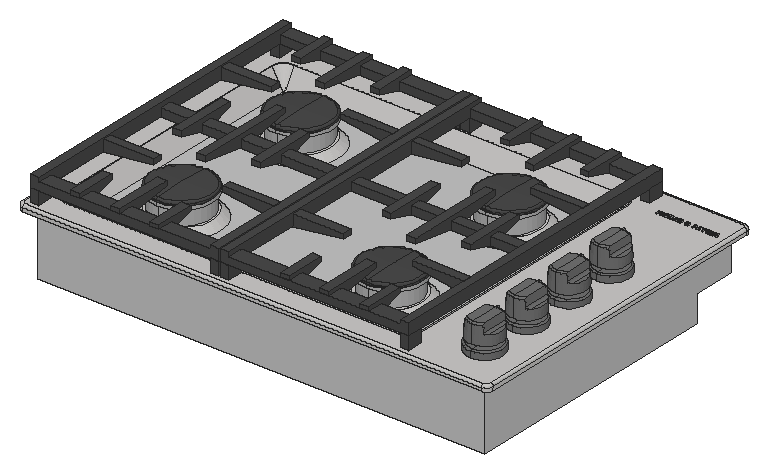
Revit family "FP_Revit_18_CDV3-304H-N_Cooktop_90001913A", category Specialty Equipment, Revit 2018
Family settings
  Round Connector Dimension = Use Diameter
  Part Type = Normal
  OmniClass Number = 23.40.40.14.17.11
  OmniClass Title = Cookers, Ovens, Stoves
  Work Plane-Based = No
  Always vertical = Yes
  Cut with Voids When Loaded = Yes
  Shared = No
  Room Calculation Point = No
Parameters (values of type "CDV3-304H-N")
  Visibility - Gas Elbow Side Facing = yes
  Visibility - Gas Elbow Rear Facing = yes
  Visibility - Clearance Required = yes
  URL = "www.fisherpaykel.com"
  Product - Width = 762 mm  # constant formula
  Product - Height = 162 mm  # constant formula
  Product - Depth = 533 mm  # constant formula
  Model = "CDV3-304H-N"
  Material - Trim = Fisher & Paykel - Aluminium, Dark
  Material - Cooktop = Fisher & Paykel - Stainless Steel
  Material - Burners & Trivets = Fisher & Paykel - Black, Matte
  Material - Body = Fisher & Paykel - Grey
  Manufacturer = "Fisher & Paykel Appliances"
  Keynote = ""
  FFL Offset [instance] = 915 mm
  Description = "30\" Professional Gas Cooktop,"
  Connector Note - Gas = "NG Supply Pressure = 6\" to 9\" WC, 1/2\" NPT Minimum 5/8\" dia. flex line"
  Connector Note - Electrical = "120 V, 0.1 A Max, 60 Hz"
  Clearance - Side Combustible = 305 mm  # constant formula
  Clearance - Rear Combustible = 51 mm  # constant formula
  Clearance - Overhead Rangehood = 762 mm  # constant formula
  Clearance - Overhead Non-Combustible = 762 mm  # constant formula
  Clearance - Overhead Combustible = 914 mm  # constant formula
  Clearance - Below Non-Combustible = 70 mm  # constant formula
  Clearance - Below Combustible = 65 mm  # constant formula
  Chassis - Width = 723 mm  # constant formula
  Chassis - Height = 102 mm  # constant formula
  Chassis - Depth = 497 mm  # constant formula
  Cavity - Width = 727 mm  # constant formula
  Cavity - Height = 112 mm  # constant formula
  Cavity - Depth = 502 mm  # constant formula
Types (5, lengths in mm): name | Visibility - Gas Elbow Side Facing | Visibility - Gas Elbow Rear Facing | Model | Connector Note - Gas
  (no name) | yes | yes | "CDV3-304H-N" | "NG Supply Pressure = 6\" to 9\" WC, 1/2\" NPT Minimum 5/8\" dia. flex line"
  CDV3-304H-L | no | no | "CDV3-304H-L" | "LP Supply Pressure = 11\" to 14\" WC, 1/2\" NPT Minimum 5/8\" dia. flex line"
  CDV3-304H-N | yes | yes | "CDV3-304H-N" | "NG Supply Pressure = 6\" to 9\" WC, 1/2\" NPT Minimum 5/8\" dia. flex line"
  CDV3-304-N | yes | yes | "CDV3-304-N" | "NG Supply Pressure = 6\" to 9\" WC, 1/2\" NPT Minimum 5/8\" dia. flex line"
  CDV3-304-L | yes | yes | "CDV3-304-L" | "LP Supply Pressure = 11\" to 14\" WC, 1/2\" NPT Minimum 5/8\" dia. flex line"
Reference planes
  plane 1 "Datum": y = 0
  plane 2: z = 0
  plane 3 "Center (Left/Right)": x = 0
  plane 4 "Product LHS": x = -381
  plane 5 "Product RHS": x = 381
  plane 6 "Product - Depth": y = 533
  plane 7 "Cavity LHS": x = -363.5
  plane 8 "Cavity RHS": x = 363.5
  plane 9 "Cavity - Front": y = 15.8
  plane 10 "Cavity - Depth": y = 517.8
  plane 11 "Basepan": z = 813
  plane 12 "Countertop": z = 915
  plane 13 "Hob Top": z = 924.5
Forms (mm)
  Extrusion 1, solid, material "Fisher & Paykel - Grey" <- "Material - Body"
    sketch origin (0, 0, 0) x (1, 0, 0) y (0, 1, 0)
      loop
        line (361.5, 447.3) -> (255, 447.3) -> (255, 515.3) -> (-361.5, 515.3) -> (-361.5, 18.3) -> (361.5, 18.3) -> (361.5, 447.3)
    from 813 to 915
  Extrusion 2, solid, material "Fisher & Paykel - Clearance Required (Cutout)", visible <- "Visibility - Clearance Required", detail levels coarse
    sketch origin (0, 0, 0) x (1, 0, 0) y (0, 1, 0)
      loop
        line (-363.5, 15.8) -> (363.5, 15.8) -> (363.5, 517.8) -> (-363.5, 517.8) -> (-363.5, 15.8)
    from 803 to 915
  Extrusion 3, solid, material "Fisher & Paykel - Stainless Steel" <- "Material - Cooktop"
    sketch origin (0, 0, 0) x (1, 0, 0) y (0, 1, 0)
      loop
        arc (-371, 533) -> (-378.071, 530.071) -> (-381, 523) r 10
        line (-381, 523) -> (-381, 10)
        arc (-381, 10) -> (-378.071, 2.929) -> (-371, 0) r 10
        line (-371, 0) -> (371, 0)
        arc (371, 0) -> (378.071, 2.929) -> (381, 10) r 10
        line (381, 10) -> (381, 523)
        arc (381, 523) -> (378.071, 530.071) -> (371, 533) r 10
        line (371, 533) -> (-371, 533)
    from 915 to 924.5
  Extrusion 4, void
    sketch origin (0, 0, 0) x (1, 0, 0) y (0, 1, 0)
      loop
        arc (-330.447, 496.197) -> (-344.589, 490.34) -> (-350.447, 476.197) r 20
        line (-350.447, 476.197) -> (-350.447, 57.203)
        arc (-350.447, 57.203) -> (-344.589, 43.06) -> (-330.447, 37.203) r 20
        line (-330.447, 37.203) -> (205.627, 37.203)
        arc (205.627, 37.203) -> (219.769, 43.06) -> (225.627, 57.203) r 20
        line (225.627, 57.203) -> (225.627, 476.197)
        arc (225.627, 476.197) -> (219.769, 490.34) -> (205.627, 496.197) r 20
        line (205.627, 496.197) -> (-330.447, 496.197)
    from 893 to 924.5
  Sweep 5, solid, material "Fisher & Paykel - Stainless Steel" <- "Material - Cooktop", detail levels fine
    path in 3D
      loop
        arc (205.627, 496.197, 924.5) -> (219.769, 490.34, 924.5) -> (225.627, 476.197, 924.5) r 20
        line (225.627, 476.197, 924.5) -> (225.627, 57.203, 924.5)
        arc (225.627, 57.203, 924.5) -> (219.769, 43.06, 924.5) -> (205.627, 37.203, 924.5) r 20
        line (205.627, 37.203, 924.5) -> (-330.447, 37.203, 924.5)
        arc (-330.447, 37.203, 924.5) -> (-344.589, 43.06, 924.5) -> (-350.447, 57.203, 924.5) r 20
        line (-350.447, 57.203, 924.5) -> (-350.447, 476.197, 924.5)
        arc (-350.447, 476.197, 924.5) -> (-344.589, 490.34, 924.5) -> (-330.447, 496.197, 924.5) r 20
        line (-330.447, 496.197, 924.5) -> (205.627, 496.197, 924.5)
    profile origin (-62.41, 496.197, 924.5) x (0, 1, 0) y (0, 0, 1)
      loop
        line (0, 0) -> (-18.187, -31.5) -> (0, -31.5) -> (0, 0)
  Sweep 6, void
    path in 3D
      loop
        arc (381, 523, 924.5) -> (378.071, 530.071, 924.5) -> (371, 533, 924.5) r 10
        line (371, 533, 924.5) -> (-371, 533, 924.5)
        arc (-371, 533, 924.5) -> (-378.071, 530.071, 924.5) -> (-381, 523, 924.5) r 10
        line (-381, 523, 924.5) -> (-381, 10, 924.5)
        arc (-381, 10, 924.5) -> (-378.071, 2.929, 924.5) -> (-371, 0, 924.5) r 10
        line (-371, 0, 924.5) -> (371, 0, 924.5)
        arc (371, 0, 924.5) -> (378.071, 2.929, 924.5) -> (381, 10, 924.5) r 10
        line (381, 10, 924.5) -> (381, 523, 924.5)
    profile origin (381, 266.5, 924.5) x (-1, 0, 0) y (0, 0, 1)
      loop
        line (0, 0) -> (0, -4)
        arc (0, -4) -> (1.172, -1.172) -> (4, 0) r 4
        line (4, 0) -> (0, 0)
  Extrusion 7, solid, material "Fisher & Paykel - Grey" <- "Material - Body"
    sketch origin (0, 0, 0) x (1, 0, 0) y (0, 1, 0)
      loop
        circle (338.231, 491.487) r 3
    from 856.4 to 844
  Extrusion 8, solid, material "Fisher & Paykel - Grey" <- "Material - Body"
    sketch origin (0, 0, 0) x (1, 0, 0) y (0, 1, 0)
      loop
        circle (290.996, 481.611) r 10.5
      loop
        circle (290.996, 481.611) r 7
    from 844 to 856.4
  Extrusion 9, void
    sketch origin (0, 0, 0) x (1, 0, 0) y (0, 1, 0)
      loop
        line (-363.5, 15.8) -> (363.5, 15.8) -> (363.5, 517.8) -> (-363.5, 517.8) -> (-363.5, 15.8)
    from 803 to 915
  Extrusion 10, solid, material "Fisher & Paykel - Clearance Required (Combustible)", visible <- "Visibility - Clearance Required", detail levels coarse
    sketch origin (0, 0, -9.5) x (1, 0, 0) y (0, 1, 0)
      loop
        line (-686, 0) -> (-381, 0) -> (-381, 533) -> (381, 533) -> (381, 0) -> (686, 0) -> (686, 568.8) -> (-686, 568.8) -> (-686, 0)
    from 924.5 to 1381.5
  Extrusion 11, solid, material "Fisher & Paykel - Clearance Required (Non-Combustible)", visible <- "Visibility - Clearance Required", detail levels coarse
    sketch origin (0, 0, 0) x (1, 0, 0) y (0, 1, 0)
      loop
        line (-381, 0) -> (381, 0) -> (381, 533) -> (-381, 533) -> (-381, 0)
    from 924.5 to 1686.5
  Extrusion 12, solid, material "Fisher & Paykel - Clearance Required (Combustible)", visible <- "Visibility - Clearance Required", detail levels coarse
    sketch origin (0, 0, 0) x (1, 0, 0) y (0, 1, 0)
      loop
        line (-381, 0) -> (381, 0) -> (381, 533) -> (-381, 533) -> (-381, 0)
    from 1686.5 to 1838.5
  Extrusion 13, solid, material "Fisher & Paykel - Grey" <- "Material - Body"
    sketch origin (0, 0, 0) x (1, 0, 0) y (0, 1, 0)
      loop
        line (255, 447.3) -> (361.5, 447.3) -> (361.5, 515.3) -> (255, 515.3) -> (255, 447.3)
    from 856.4 to 915
Cuts and joins
  Extrusion 4 cuts Extrusion 1
  joined: Extrusion 1, Extrusion 13
  Extrusion 4, Sweep 6 cuts Extrusion 3
Lines and regions (mm)
  sketch lines
    curve 1: line (-330.447, 496.197, 924.5) -> (205.627, 496.197, 924.5)
    curve 2: arc (225.627, 476.197, 924.5) -> (219.769, 490.34, 924.5) -> (205.627, 496.197, 924.5) r 20
    curve 3: line (225.627, 476.197, 924.5) -> (225.627, 57.203, 924.5)
    curve 4: arc (205.627, 37.203, 924.5) -> (219.769, 43.06, 924.5) -> (225.627, 57.203, 924.5) r 20
    curve 5: line (205.627, 37.203, 924.5) -> (-330.447, 37.203, 924.5)
    curve 6: arc (-350.447, 57.203, 924.5) -> (-344.589, 43.06, 924.5) -> (-330.447, 37.203, 924.5) r 20
    curve 7: arc (-330.447, 496.197, 924.5) -> (-344.589, 490.34, 924.5) -> (-350.447, 476.197, 924.5) r 20
    curve 8: line (-350.447, 57.203, 924.5) -> (-350.447, 476.197, 924.5)
    curve 9: line (381, 10, 924.5) -> (381, 523, 924.5)
    curve 10: arc (381, 10, 924.5) -> (378.071, 2.929, 924.5) -> (371, 0, 924.5) r 10
    curve 11: line (-371, 0, 924.5) -> (371, 0, 924.5)
    curve 12: arc (-371, 0, 924.5) -> (-378.071, 2.929, 924.5) -> (-381, 10, 924.5) r 10
    curve 13: line (-381, 523, 924.5) -> (-381, 10, 924.5)
    curve 14: arc (-381, 523, 924.5) -> (-378.071, 530.071, 924.5) -> (-371, 533, 924.5) r 10
    curve 15: line (371, 533, 924.5) -> (-371, 533, 924.5)
    curve 16: arc (371, 533, 924.5) -> (378.071, 530.071, 924.5) -> (381, 523, 924.5) r 10
Text (mm)
  text "Due to ongoing product development, product details are subject to change without notice. \nPlease always refer to www.fisherpaykel.com for the most current product information. \n© Fisher & Paykel 2020" at (41.04, -459.323, 0), in view "Ref. Level (Plan)"
Dimensions and locks
  equal spacing: plane 4 "Product LHS", plane 3 "Center (Left/Right)", plane 5 "Product RHS"
  "Product - Width": plane 4 "Product LHS" to plane 5 "Product RHS"
  equal spacing: plane 7 "Cavity LHS", plane 3 "Center (Left/Right)", plane 8 "Cavity RHS"
  "Cavity - Width": plane 7 "Cavity LHS" to plane 8 "Cavity RHS"
  "Chassis - Width": cut or joined group of Extrusion 1, Extrusion 4, Extrusion 13 to cut or joined group of Extrusion 1, Extrusion 4, Extrusion 13
  equal spacing: cut or joined group of Extrusion 1, Extrusion 4, Extrusion 13, plane 3 "Center (Left/Right)", cut or joined group of Extrusion 1, Extrusion 4, Extrusion 13
  "Product - Depth": plane 6 "Product - Depth" to plane 1 "Datum"
  "Cavity - Depth": plane 9 "Cavity - Front" to plane 10 "Cavity - Depth"
  locked: plane 1 "Datum" to plane 9 "Cavity - Front" at 15.8
  locked: plane 13 "Hob Top" to plane 12 "Countertop" at 9.5
  "Chassis - Height": plane 12 "Countertop" to plane 11 "Basepan"
  "FFL Offset": plane 12 "Countertop" to level
  "Cavity - Height": plane 12 "Countertop" to Extrusion 2
  plane 12 "Countertop" to Sweep 5 = 22 mm
  locked: nested 3 to plane 12 "Countertop" at 49.5
  locked: plane 12 "Countertop" to cut or joined group of Extrusion 1, Extrusion 4, Extrusion 13 at 22
  locked: Extrusion 10 to plane 12 "Countertop" at 457
  "Clearance - Overhead Non-Combustible": Extrusion 11 to plane 13 "Hob Top"
  Extrusion 10 to plane 10 "Cavity - Depth" to cut or joined group of Extrusion 1, Extrusion 4, Extrusion 13 = 15.2 mm, 2.5 mm
  "Clearance - Overhead Combustible": Extrusion 12 to plane 13 "Hob Top"
  "Clearance - Rear Combustible": Extrusion 10 to plane 10 "Cavity - Depth"
  "Clearance - Side Combustible": Extrusion 10 to plane 4 "Product LHS"
  "Clearance - Side Combustible": plane 5 "Product RHS" to Extrusion 10
  "Chassis - Depth": cut or joined group of Extrusion 1, Extrusion 4, Extrusion 13 to cut or joined group of Extrusion 1, Extrusion 4, Extrusion 13
  locked: plane 1 "Datum" to cut or joined group of Extrusion 1, Extrusion 4, Extrusion 13 at 18.3
  locked: Extrusion 13 to plane 12 "Countertop" at 58.6
  locked: plane 12 "Countertop" to nested 15 at 86.6
  locked: plane 12 "Countertop" to nested 16 at 86.6
  locked: plane 12 "Countertop" to Extrusion 8 at 71
  aligned and locked: level to plane 2
  aligned and locked: plane 6 "Product - Depth" to Extrusion 3
  aligned and locked: plane 1 "Datum" to Extrusion 3
  aligned and locked: Extrusion 3 to plane 4 "Product LHS"
  aligned and locked: Extrusion 3 to plane 5 "Product RHS"
  aligned and locked: Extrusion 2 to plane 9 "Cavity - Front"
  aligned and locked: plane 12 "Countertop" to Extrusion 2
  aligned and locked: Extrusion 2 to Extrusion 1
  aligned and locked: Extrusion 1 to plane 11 "Basepan"
  aligned and locked: Extrusion 3 to Extrusion 2
  aligned and locked: Extrusion 9 to Extrusion 2  (x2)
  aligned and locked: plane 13 "Hob Top" to Extrusion 3
  aligned and locked: cut or joined group of Extrusion 3, Extrusion 4, Sweep 6 to Extrusion 4
  aligned and locked: Extrusion 10 to Extrusion 2
  aligned and locked: Extrusion 11 to cut or joined group of Extrusion 3, Extrusion 4, Sweep 6
  aligned and locked: Extrusion 12 to Extrusion 11
  aligned and locked: plane 12 "Countertop" to Extrusion 13
  aligned and locked: Extrusion 8 to Extrusion 13
  aligned and locked: Extrusion 7 to Extrusion 13
  aligned and locked: Extrusion 13 to cut or joined group of Extrusion 1, Extrusion 4, Extrusion 13  (x2)
  aligned and locked: Extrusion 13 to cut or joined group of Extrusion 3, Extrusion 4, Sweep 6
  aligned and locked: Extrusion 8 to Extrusion 7
  aligned and locked: Extrusion 1 to Extrusion 13
Automatic sketch dimensions
  plane 10 "Cavity - Depth" to Extrusion 2 sketch curve = 0 mm
  Extrusion 2 sketch curve to plane 9 "Cavity - Front" = 0 mm
  plane 7 "Cavity LHS" to Extrusion 2 sketch curve = 0 mm
  Extrusion 2 sketch curve to plane 8 "Cavity RHS" = 0 mm
  Extrusion 3 sketch curve to plane 4 "Product LHS" = 0 mm
  plane 1 "Datum" to Extrusion 3 sketch curve = 0 mm
  Extrusion 3 sketch curve to plane 6 "Product - Depth" = 0 mm
  Extrusion 3 sketch curve to plane 5 "Product RHS" = 0 mm
  plane 7 "Cavity LHS" to Extrusion 3 sketch curve = 7.5 mm  (x2)
  Extrusion 3 sketch curve to plane 8 "Cavity RHS" = 7.5 mm
  Extrusion 3 sketch curve to plane 9 "Cavity - Front" = 5.8 mm
  Extrusion 4 sketch curve to plane 7 "Cavity LHS" = 13.053 mm
  plane 9 "Cavity - Front" to Extrusion 4 sketch curve = 21.403 mm
  Extrusion 4 sketch curve to Extrusion 4 sketch curve = 20 mm  (x3)
  plane 10 "Cavity - Depth" to Extrusion 4 sketch curve = 21.603 mm
  plane 8 "Cavity RHS" to Extrusion 4 sketch curve = 157.873 mm  (x2)
  Sweep 5 sketch curve to profile plane = 0 mm  (x2)
  profile plane to Sweep 5 sketch curve = 18.187 mm
  Sweep 5 sketch curve to Sweep 5 sketch curve = 31.5 mm
  Sweep 6 sketch curve to profile plane = 0 mm  (x2)
  Sweep 6 sketch curve to Sweep 6 sketch curve = 4 mm
  plane 8 "Cavity RHS" to Extrusion 7 sketch curve = 25.269 mm
  plane 10 "Cavity - Depth" to Extrusion 7 sketch curve = 26.312 mm
  plane 10 "Cavity - Depth" to Extrusion 9 sketch curve = 0 mm
  Extrusion 9 sketch curve to plane 9 "Cavity - Front" = 0 mm
  plane 7 "Cavity LHS" to Extrusion 9 sketch curve = 0 mm
  Extrusion 9 sketch curve to plane 8 "Cavity RHS" = 0 mm
  plane 1 "Datum" to Extrusion 10 sketch curve = 0 mm  (x2)
  Extrusion 10 sketch curve to plane 4 "Product LHS" = 0 mm
  Extrusion 10 sketch curve to plane 5 "Product RHS" = 0 mm
  Extrusion 10 sketch curve to plane 6 "Product - Depth" = 0 mm
  plane 4 "Product LHS" to Extrusion 10 sketch curve = 305 mm
  Extrusion 10 sketch curve to Extrusion 10 sketch curve = 305 mm
  plane 6 "Product - Depth" to Extrusion 10 sketch curve = 35.8 mm
  Extrusion 11 sketch curve to plane 4 "Product LHS" = 0 mm
  Extrusion 11 sketch curve to plane 5 "Product RHS" = 0 mm
  plane 1 "Datum" to Extrusion 11 sketch curve = 0 mm
  Extrusion 11 sketch curve to plane 6 "Product - Depth" = 0 mm
  Extrusion 12 sketch curve to plane 4 "Product LHS" = 0 mm
  Extrusion 12 sketch curve to plane 5 "Product RHS" = 0 mm
  plane 1 "Datum" to Extrusion 12 sketch curve = 0 mm
  Extrusion 12 sketch curve to plane 6 "Product - Depth" = 0 mm
  Extrusion 1 sketch curve to plane 7 "Cavity LHS" = 2 mm
  plane 8 "Cavity RHS" to Extrusion 1 sketch curve = 2 mm
  plane 9 "Cavity - Front" to Extrusion 1 sketch curve = 2.5 mm
  plane 10 "Cavity - Depth" to Extrusion 1 sketch curve = 2.5 mm
  Extrusion 1 sketch curve to Extrusion 1 sketch curve = 106.5 mm
  Extrusion 1 sketch curve to Extrusion 1 sketch curve = 68 mm
  Extrusion 13 sketch curve to plane 6 "Product - Depth" = 17.7 mm
  plane 8 "Cavity RHS" to Extrusion 13 sketch curve = 108.5 mm
  plane 5 "Product RHS" to Extrusion 13 sketch curve = 19.5 mm
  plane 10 "Cavity - Depth" to Extrusion 13 sketch curve = 70.5 mm
  Extrusion 8 sketch curve to Extrusion 8 sketch curve = 0 mm  (x2)
  plane 10 "Cavity - Depth" to Extrusion 8 sketch curve = 36.189 mm
  plane 8 "Cavity RHS" to Extrusion 8 sketch curve = 72.504 mm
  radius of Extrusion 7 sketch curve = 3 mm
  radius of Extrusion 8 sketch curve = 7 mm
  radius of Extrusion 8 sketch curve = 10.5 mm
Nested families
  nested 1: "F&P Logo 100mm Horizontal" at (316, 483, 924.5), type "F&P Logo 100mm Horizontal"
  nested 2: "F&P CDV3 Trivet 304" at (-231.8, -53.962, 927.5), type "F&P CDV3 Trivet 304"
  nested 3: "F&P CDV3 Trivet 304" at (107.264, 587.362, 927.5) x (-1, 0, 0) z (0, 0, 1), type "F&P CDV3 Trivet 304"
  nested 4: "F&P Dial CDV3" at (316, 74.79, 924.5), type "F&P Dial CDV3"
  nested 5: "F&P Dial CDV3" at (316, 159.79, 924.5), type "F&P Dial CDV3"
  nested 6: "F&P Dial CDV3" at (316, 244.79, 924.5), type "F&P Dial CDV3"
  nested 7: "F&P Dial CDV3" at (316, 329.79, 924.5), type "F&P Dial CDV3"
  nested 8: "F&P Logo 100mm Horizontal" at (316, 483, 509.5), type "F&P Logo 100mm Horizontal", not visible
  nested 9: "F&P CDV3 Trivet 304" at (-231.8, -53.962, 512.5), type "F&P CDV3 Trivet 304", not visible
  nested 10: "F&P CDV3 Trivet 304" at (107.264, 587.362, 512.5) x (-1, 0, 0) z (0, 0, 1), type "F&P CDV3 Trivet 304", not visible
  nested 11: "F&P Dial CDV3" at (316, 74.79, 509.5), type "F&P Dial CDV3", not visible
  nested 12: "F&P Dial CDV3" at (316, 159.79, 509.5), type "F&P Dial CDV3", not visible
  nested 13: "F&P Dial CDV3" at (316, 244.79, 509.5), type "F&P Dial CDV3", not visible
  nested 14: "F&P Dial CDV3" at (316, 329.79, 509.5), type "F&P Dial CDV3", not visible
  nested 15: "F&P Gas_Elbow" at (290.996, 481.611, 828.4), visible <- "Visibility - Gas Elbow Side Facing", type "F&P Gas_Elbow"
  nested 16: "F&P Gas_Elbow" at (290.996, 481.611, 828.4) x (0, 1, 0) z (0, 0, 1), visible <- "Visibility - Gas Elbow Rear Facing", type "F&P Gas_Elbow"
Connectors
  electrical at (338.231, 491.487, 856.4), driven by "Connector Note - Electrical"
    settings: on Extrusion 7, index 1, voltage 120 V, apparent load 0 VA, apparent load phase1 0 VA, apparent load phase2 0 VA, apparent load phase3 0 VA, power factor 1, load classification "Other", number of poles 1, system type 30, power factor state 1, is connector primary yes, connector utility no, sub classification motor no, connector description "120 V, 0.1 A Max, 60 Hz"
  piping at (290.996, 481.611, 844), diameter 21, driven by "Connector Note - Gas"
    settings: on Extrusion 8, index 2, connector inside diameter 609.6 mm, connector length 0 mm, flow factor 0, pipe flow 0.0 L/s, pressure drop 0.0 Pa, fitting loss kfactor 0, connector angle 0.00°, fixture units 0, engagement length 0 mm, angle of deflection 0.00°, flow configuration 0, flow direction 1, fitting loss method 0, system type 22, joint type 0, gender type 0, connector reference index -1, connector utility 0, adjustable connector no, is connector primary yes, connector description "NG Supply Pressure = 6\" to 9\" WC, 1/2\" NPT Minimum 5/8\" dia. flex line"
Definition of nested family "F&P Logo 100mm Horizontal"
  Parameters (values of type "F&P Logo 100mm Horizontal")
    URL = "www.fisherpaykel.com"
    Material - Logo = none
    Manufacturer = "Fisher & Paykel Appliances"
  Reference planes
    plane 1 "Center (Front/Back)": y = 0
    plane 2: z = 0
    plane 3 "Center (Left/Right)": x = 0
  Forms (mm)
    Extrusion 1, solid, material <- "Material - Logo", detail levels fine
      sketch origin (0, 0, 0) x (1, 0, 0) y (0, 1, 0)
        loop
          line (-49.996, 0) -> (-48.422, 0) -> (-48.422, 2.138) -> (-45.963, 2.138) -> (-45.963, 3.472) -> (-48.422, 3.472) -> (-48.422, 4.712) -> (-45.746, 4.712) -> (-45.746, 6.04) -> (-49.996, 6.04) -> (-49.996, 0)
        loop
          line (-42.756, 6.04) -> (-42.756, 0) -> (-41.182, 0) -> (-41.182, 6.04) -> (-42.756, 6.04)
        loop
          line (-30.676, 6.04) -> (-30.676, 0) -> (-29.103, 0) -> (-29.103, 2.42) -> (-26.791, 2.42) -> (-26.791, 0) -> (-25.217, 0) -> (-25.217, 6.04) -> (-26.791, 6.04) -> (-26.791, 3.748) -> (-29.103, 3.748) -> (-29.103, 6.04) -> (-30.676, 6.04)
        loop
          line (-21.858, 6.04) -> (-21.858, 0) -> (-17.554, 0) -> (-17.554, 1.328) -> (-20.299, 1.328) -> (-20.299, 2.42) -> (-17.79, 2.42) -> (-17.79, 3.748) -> (-20.299, 3.748) -> (-20.299, 4.712) -> (-17.554, 4.712) -> (-17.554, 6.04) -> (-21.858, 6.04)
        loop
          line (45.715, 6.04) -> (45.715, 0) -> (50.004, 0) -> (50.004, 1.328) -> (47.289, 1.328) -> (47.289, 6.04) -> (45.715, 6.04)
        loop
          line (42.479, 6.04) -> (38.161, 6.04) -> (38.161, 0) -> (42.479, 0) -> (42.479, 1.328) -> (39.735, 1.328) -> (39.735, 2.42) -> (42.243, 2.42) -> (42.243, 3.748) -> (39.735, 3.748) -> (39.735, 4.712) -> (42.479, 4.712) -> (42.479, 6.04)
        loop
          line (33.499, 3.148) -> (35.731, 6.04) -> (33.892, 6.04) -> (31.964, 3.542) -> (31.964, 6.04) -> (30.39, 6.04) -> (30.39, 0) -> (31.964, 0) -> (31.964, 2.705) -> (33.951, 0) -> (35.811, 0) -> (33.499, 3.148)
        loop
          line (22.029, 6.04) -> (24.311, 2.42) -> (24.311, 0) -> (25.885, 0) -> (25.885, 2.341) -> (28.167, 6.04) -> (26.494, 6.04) -> (25.148, 3.707) -> (23.801, 6.04) -> (22.029, 6.04)
        loop
          line (18.527, 6.04) -> (17.031, 6.04) -> (14.572, 0) -> (16.117, 0) -> (16.549, 1.112) -> (18.969, 1.112) -> (19.402, 0) -> (20.986, 0) -> (18.527, 6.04)
        loop
          line (18.448, 2.439) -> (17.741, 4.174) -> (17.066, 2.439) -> (18.448, 2.439)
        loop
          line (8.079, 6.04) -> (8.079, 0) -> (9.654, 0) -> (9.654, 1.938) -> (10.647, 1.938)
          arc (10.647, 1.938) -> (12.698, 3.989) -> (10.647, 6.04) r 2.051
          line (10.647, 6.04) -> (8.079, 6.04)
        loop
          line (9.654, 4.712) -> (9.654, 3.197) -> (10.549, 3.197)
          arc (10.549, 3.197) -> (11.307, 3.954) -> (10.549, 4.712) r 0.757
          line (10.549, 4.712) -> (9.654, 4.712)
        loop
          line (-11.735, 6.04) -> (-14.318, 6.04) -> (-14.318, 0) -> (-12.744, 0) -> (-12.744, 1.336) -> (-11.944, 1.336) -> (-10.924, 0) -> (-9.104, 0) -> (-10.646, 1.973)
          arc (-10.646, 1.973) -> (-9.63, 4.424) -> (-11.735, 6.04) r 2.179
        loop
          line (-11.849, 4.712) -> (-12.744, 4.712) -> (-12.744, 3.053) -> (-11.849, 3.053)
          arc (-11.849, 3.053) -> (-11.02, 3.882) -> (-11.849, 4.712) r 0.83
        loop
          line (0.526, 4.712) -> (0.526, 6.153) -> (-3.527, 6.153) -> (-3.527, 4.851) -> (-2.926, 4.112)
          arc (-2.926, 4.112) -> (-3.462, 0.684) -> (0.003, 0.512) r 2.334
          line (0.003, 0.512) -> (0.508, -0.109) -> (2.294, -0.109) -> (0.908, 1.594) -> (2.109, 3.324) -> (0.491, 3.324) -> (0.035, 2.667) -> (-1.629, 4.712) -> (0.526, 4.712)
        loop
          arc (-2.077, 3.068) -> (-2.221, 1.668) -> (-0.82, 1.524) r 0.996
          line (-0.82, 1.524) -> (-2.077, 3.068)
        loop
          line (-35.132, 3.634) -> (-36.468, 3.91)
          arc (-36.468, 3.91) -> (-37, 4.443) -> (-36.468, 4.976) r 0.533
          arc (-36.468, 4.976) -> (-35.186, 4.79) -> (-34.011, 4.248) r 4.505
          line (-34.011, 4.248) -> (-34.011, 5.743)
          arc (-34.011, 5.743) -> (-35.501, 6.179) -> (-37.052, 6.109) r 4.726
          arc (-37.052, 6.109) -> (-38.488, 4.335) -> (-37.052, 2.561) r 1.814
          line (-37.052, 2.561) -> (-35.706, 2.282)
          arc (-35.706, 2.282) -> (-35.173, 1.749) -> (-35.706, 1.216) r 0.533
          arc (-35.706, 1.216) -> (-36.987, 1.402) -> (-38.162, 1.945) r 4.505
          line (-38.162, 1.945) -> (-38.162, 0.449)
          arc (-38.162, 0.449) -> (-36.672, 0.013) -> (-35.121, 0.083) r 4.726
          arc (-35.121, 0.083) -> (-33.686, 1.863) -> (-35.132, 3.634) r 1.814
      from 0 to 0.8
  Dimensions and locks
    aligned and locked: level to plane 2
Definition of nested family "F&P CDV3 Trivet 304"
  Parameters (values of type "F&P CDV3 Trivet 304")
    URL = "www.fisherpaykel.com"
    Product - Width = 278 mm
    Material - Trim = none
    Material - Burners & Trivets = none
    Material - Body = none
    Manufacturer = "Fisher & Paykel Appliances"
  Reference planes
    plane 1 "Center (Front/Back)": y = 0
    plane 2: z = 0
    plane 3 "Center (Left/Right)": x = 0
    plane 4 "Product LHS": x = -137
    plane 5 "Product RHS": x = 168.532
  Forms (mm)
    Extrusion 1, solid, material <- "Material - Burners & Trivets"
      sketch origin (0, 0, 0) x (1, 0, 0) y (0, 1, 0)
        loop
          line (-137, 575.663) -> (-137, 65.662) -> (168.532, 65.662) -> (168.532, 575.663) -> (-137, 575.663)
        loop
          line (154.532, 329.703) -> (154.532, 551.662) -> (-122.868, 551.662) -> (-122.868, 329.703) -> (154.532, 329.703)
        loop
          line (154.532, 89.663) -> (154.532, 311.622) -> (-122.868, 311.622) -> (-122.868, 89.663) -> (154.532, 89.663)
      from 18 to 31
    Extrusion 2, solid, material <- "Material - Burners & Trivets", detail levels fine
      sketch origin (0, 0, 0) x (1, 0, 0) y (0, 1, 0)
        loop
          line (-123, 551.662) -> (-123, 575.663) -> (-137, 575.663) -> (-137, 551.662) -> (-123, 551.662)
        loop
          line (-122.868, 89.663) -> (-137, 89.663) -> (-137, 65.662) -> (-122.868, 65.662) -> (-122.868, 89.663)
        loop
          line (154.532, 89.663) -> (154.532, 65.662) -> (168.532, 65.662) -> (168.532, 89.663) -> (154.532, 89.663)
        loop
          line (154.532, 551.662) -> (168.532, 551.662) -> (168.532, 575.663) -> (154.532, 575.663) -> (154.532, 551.662)
      from -3 to 18
    Revolve 3, solid, material <- "Material - Body", detail levels fine
      sketch origin (0, 0, 0) x (0, 1, 0) y (0, 0, -1)
        loop
          line (150.642, -7.236) -> (200.642, -7.236) -> (200.642, 23.189) -> (155.063, 23.189) -> (155.063, -2.236) -> (150.642, -2.236) -> (150.642, -7.236)
        axis (200.642, -7.236) -> (200.642, 23.189)
      angle from 0 to 360
    Revolve 4, solid, material <- "Material - Burners & Trivets"
      sketch origin (0, 0, 0) x (0, 1, 0) y (0, 0, -1)
        loop
          line (200.642, -8.307) -> (150.643, -8.307) -> (150.643, -10.381)
          arc (150.643, -10.381) -> (151.417, -12.393) -> (153.342, -13.366) r 3
          arc (153.342, -13.366) -> (176.962, -15.15) -> (200.642, -15.745) r 471.449
          line (200.642, -15.745) -> (200.642, -8.307)
        axis (200.642, -15.745) -> (200.642, -8.307)
      angle from 0 to 360
    Revolve 5, solid, material <- "Material - Trim", detail levels fine
      sketch origin (0, 0, 0) x (0, 1, 0) y (0, 0, -1)
        loop
          line (150.602, 23.189) -> (200.642, 23.189) -> (200.642, 34.699) -> (139.092, 34.699) -> (150.602, 23.189)
        axis (200.642, 23.189) -> (200.642, 34.699)
      angle from 0 to 360
    Revolve 6, solid, material <- "Material - Body", detail levels fine
      sketch origin (0, 240.04, 0) x (0, 1, 0) y (0, 0, -1)
        loop
          line (150.642, -7.236) -> (200.642, -7.236) -> (200.642, 23.189) -> (155.063, 23.189) -> (155.063, -2.236) -> (150.642, -2.236) -> (150.642, -7.236)
        axis (200.642, -7.236) -> (200.642, 23.189)
      angle from 0 to 360
    Revolve 7, solid, material <- "Material - Burners & Trivets"
      sketch origin (0, 240.04, 0) x (0, 1, 0) y (0, 0, -1)
        loop
          line (200.642, -8.307) -> (150.643, -8.307) -> (150.643, -10.381)
          arc (150.643, -10.381) -> (151.417, -12.393) -> (153.342, -13.366) r 3
          arc (153.342, -13.366) -> (176.962, -15.15) -> (200.642, -15.745) r 471.449
          line (200.642, -15.745) -> (200.642, -8.307)
        axis (200.642, -15.745) -> (200.642, -8.307)
      angle from 0 to 360
    Revolve 8, solid, material <- "Material - Trim", detail levels fine
      sketch origin (0, 240.04, 0) x (0, 1, 0) y (0, 0, -1)
        loop
          line (150.602, 23.189) -> (200.642, 23.189) -> (200.642, 34.699) -> (139.092, 34.699) -> (150.602, 23.189)
        axis (200.642, 23.189) -> (200.642, 34.699)
      angle from 0 to 360
    Extrusion 9, solid, material <- "Material - Burners & Trivets", detail levels fine
      sketch origin (0, 0, 0) x (0, 1, 0) y (0, 0, 1)
        loop
          line (160.643, 37) -> (65.662, 37) -> (65.662, 31) -> (89.663, 31) -> (89.663, 18) -> (160.643, 29) -> (160.643, 37)
        loop
          line (240.642, 37) -> (240.642, 29) -> (311.622, 18) -> (311.622, 31) -> (329.703, 31) -> (329.703, 18) -> (400.683, 29) -> (400.683, 37) -> (240.642, 37)
        loop
          line (480.682, 37) -> (480.682, 29) -> (551.662, 18) -> (551.662, 31) -> (575.663, 31) -> (575.663, 37) -> (480.682, 37)
      from -7 to 7
    Extrusion 10, solid, material <- "Material - Burners & Trivets", detail levels fine
      sketch origin (0, 0, 0) x (0, 1, 0) y (0, 0, 1)
        loop
          line (129.662, 37) -> (65.662, 37) -> (65.662, 31) -> (89.663, 31) -> (89.663, 18) -> (129.662, 29) -> (129.662, 37)
        loop
          line (271.623, 37) -> (271.623, 29) -> (311.622, 18) -> (311.622, 31) -> (329.703, 31) -> (329.703, 18) -> (369.702, 29) -> (369.702, 37) -> (271.623, 37)
        loop
          line (511.663, 37) -> (511.663, 29) -> (551.662, 18) -> (551.662, 31) -> (575.663, 31) -> (575.663, 37) -> (511.663, 37)
      from -70.965 to -56.994
    Extrusion 11, solid, material <- "Material - Burners & Trivets", detail levels fine
      sketch origin (0, 0, 0) x (1, 0, 0) y (0, 0, 1)
        loop
          line (-40.066, 37) -> (-122.868, 37) -> (-122.868, 18.017) -> (-40.066, 29) -> (-40.066, 37)
        loop
          line (71.598, 37) -> (71.598, 29) -> (154.532, 18) -> (154.532, 37) -> (71.598, 37)
      from -208 to -194
    Extrusion 12, solid, material <- "Material - Burners & Trivets", detail levels fine
      sketch origin (0, 0, 0) x (0, 1, 0) y (0, 0, -1)
        loop
          line (129.662, -37) -> (129.662, -29) -> (89.663, -18) -> (89.663, -31) -> (65.662, -31) -> (65.662, -37) -> (129.662, -37)
        loop
          line (271.623, -37) -> (369.702, -37) -> (369.702, -29) -> (329.703, -18) -> (329.703, -31) -> (311.622, -31) -> (311.622, -18) -> (271.623, -29) -> (271.623, -37)
        loop
          line (511.663, -37) -> (575.663, -37) -> (575.663, -31) -> (551.662, -31) -> (551.662, -18) -> (511.663, -29) -> (511.663, -37)
      from -70.965 to -56.994
    Extrusion 13, solid, material <- "Material - Burners & Trivets"
      sketch origin (0, 0, 0) x (1, 0, 0) y (0, 1, 0)
        loop
          line (-137, 575.663) -> (-137, 65.662) -> (-122.868, 65.662) -> (-122.868, 575.663) -> (-137, 575.663)
        loop
          line (168.532, 575.663) -> (154.532, 575.663) -> (154.532, 65.662) -> (168.532, 65.662) -> (168.532, 575.663)
      from 31 to 37
    Extrusion 14, solid, material <- "Material - Burners & Trivets", detail levels fine
      sketch origin (0, 641.325, 0) x (1, 0, 0) y (0, 0, -1)
        loop
          line (-40.066, -37) -> (-40.066, -29) -> (-122.868, -18.017) -> (-122.868, -37) -> (-40.066, -37)
        loop
          line (71.598, -37) -> (154.532, -37) -> (154.532, -18) -> (71.598, -29) -> (71.598, -37)
      from -208 to -194
  Cuts and joins
    joined: Extrusion 1, Extrusion 13
  Dimensions and locks
    aligned and locked: level to plane 2
Definition of nested family "F&P Dial CDV3"
  Parameters (values of type "F&P Dial CDV3")
    URL = "www.fisherpaykel.com"
    Product - Depth = 50.5 mm
    Material - Trim = none
    Material - Buttons and Dials = none
    Manufacturer = "Fisher & Paykel Appliances"
  Reference planes
    plane 1 "Center (Front/Back)": y = 0
    plane 2: z = 0
    plane 3 "Center (Left/Right)": x = 0
    plane 4 "Product - Height": z = 50.5
  Forms (mm)
    Revolve 1, solid, material <- "Material - Buttons and Dials", detail levels fine
      sketch origin (0, 0, 0) x (0, 1, 0) y (0, 0, 1)
        loop
          line (-29.144, 0) -> (0, 0) -> (0, 50.5) -> (-23.6, 50.5) -> (-26.126, 47.974) -> (-27.128, 18.8) -> (-6.325, 18.8) -> (-6.325, 11.85) -> (-26.65, 11.85) -> (-29.144, 9.356) -> (-29.144, 0)
        axis (0, 50.5) -> (0, 0)
      angle from 0 to 360
    Extrusion 2, void
      sketch origin (0, 0, 0) x (0, 1, 0) y (0, 0, 1)
        loop
          line (27.028, 50.5) -> (22.639, 50.5) -> (22.639, 31.811) -> (27.028, 31.811) -> (27.028, 50.5)
      from -1.275 to 1.3
    Extrusion 3, solid, material <- "Material - Trim", detail levels fine
      sketch origin (0, 0, 0) x (0, 1, 0) y (0, 0, 1)
        loop
          line (22.639, 31.811) -> (26.721, 31.811) -> (26.721, 50.5) -> (22.639, 50.5) -> (22.639, 31.811)
      from -1.3 to 1.3
    Extrusion 4, void
      sketch origin (0, 0, 0) x (1, 0, 0) y (0, 0, 1)
        loop
          line (14.265, 50.5) -> (15.322, 38.419)
          arc (15.322, 38.419) -> (16.532, 35.497) -> (19.455, 34.286) r 4.133
          line (19.455, 34.286) -> (27, 33.626) -> (27, 50.5) -> (14.265, 50.5)
        loop
          line (-14.265, 50.5) -> (-27, 50.5) -> (-27, 33.626) -> (-19.455, 34.286)
          arc (-19.455, 34.286) -> (-16.532, 35.497) -> (-15.322, 38.419) r 4.133
          line (-15.322, 38.419) -> (-14.265, 50.5)
      from -30 to 30
    Revolve 5, solid, material <- "Material - Buttons and Dials", detail levels coarse+medium
      sketch origin (0, 0, 0) x (0, 1, 0) y (0, 0, 1)
        loop
          line (-29.144, 0) -> (0, 0) -> (0, 11.85) -> (-29.144, 11.85) -> (-29.144, 0)
        loop
          line (-27.128, 18.8) -> (-0.018, 18.8) -> (-0.018, 50.5) -> (-27.128, 50.5) -> (-27.128, 18.8)
        axis (0, 50.5) -> (0, 0)
      angle from 0 to 360
  Cuts and joins
    Extrusion 2, Extrusion 4 cuts Revolve 1
  Dimensions and locks
    "Product - Depth": plane 4 "Product - Height" to level
    plane 1 "Center (Front/Back)" to Extrusion 2 sketch curve = 27.028 mm
    plane 1 "Center (Front/Back)" to Extrusion 2 sketch curve = 22.639 mm
    aligned and locked: level to plane 2
  Automatic sketch dimensions
    Extrusion 2 sketch curve to plane 4 "Product - Height" = 0 mm
    Extrusion 2 sketch curve to Extrusion 2 sketch curve = 18.689 mm
    Extrusion 3 sketch curve to plane 4 "Product - Height" = 0 mm
    Extrusion 3 sketch curve to plane 1 "Center (Front/Back)" = 22.639 mm
    Extrusion 3 sketch curve to Extrusion 3 sketch curve = 4.082 mm
    Extrusion 3 sketch curve to Extrusion 3 sketch curve = 18.689 mm
    Extrusion 4 sketch curve to plane 4 "Product - Height" = 0 mm  (x2)
    Extrusion 4 sketch curve to plane 3 "Center (Left/Right)" = 27 mm
    Extrusion 4 sketch curve to Extrusion 4 sketch curve = 7.545 mm
    Extrusion 4 sketch curve to Extrusion 4 sketch curve = 4.133 mm  (x2)
    Extrusion 4 sketch curve to Extrusion 4 sketch curve = 1.057 mm  (x2)
    plane 3 "Center (Left/Right)" to Extrusion 4 sketch curve = 14.265 mm
    Extrusion 4 sketch curve to Extrusion 4 sketch curve = 12.735 mm
    Extrusion 4 sketch curve to plane 4 "Product - Height" = 12.081 mm  (x2)
    Extrusion 4 sketch curve to Extrusion 4 sketch curve = 0.66 mm  (x2)
    Revolve 1 sketch curve to level = 0 mm  (x2)
    Revolve 1 sketch curve to plane 4 "Product - Height" = 0 mm
    Revolve 1 sketch curve to plane 1 "Center (Front/Back)" = 0 mm  (x2)
    plane 1 "Center (Front/Back)" to Revolve 1 sketch curve = 6.325 mm
    plane 1 "Center (Front/Back)" to Revolve 1 sketch curve = 23.6 mm
    Revolve 1 sketch curve to plane 4 "Product - Height" = 2.526 mm
    Revolve 1 sketch curve to Revolve 1 sketch curve = 2.526 mm
    Revolve 1 sketch curve to Revolve 1 sketch curve = 20.803 mm
    Revolve 1 sketch curve to Revolve 1 sketch curve = 2.016 mm
    level to Revolve 1 sketch curve = 11.85 mm
    Revolve 1 sketch curve to Revolve 1 sketch curve = 6.95 mm
    Revolve 1 sketch curve to Revolve 1 sketch curve = 0.478 mm
    level to Revolve 1 sketch curve = 9.356 mm
    Revolve 1 sketch curve to level = 7.403 mm
    Revolve 5 sketch curve to level = 0 mm  (x2)
    Revolve 5 sketch curve to plane 4 "Product - Height" = 0 mm
    Revolve 5 sketch curve to plane 1 "Center (Front/Back)" = 0 mm  (x2)
    plane 1 "Center (Front/Back)" to Revolve 5 sketch curve = 0.018 mm
    Revolve 5 sketch curve to Revolve 5 sketch curve = 27.11 mm
    Revolve 5 sketch curve to Revolve 5 sketch curve = 2.016 mm
    level to Revolve 5 sketch curve = 11.85 mm
    Revolve 5 sketch curve to Revolve 5 sketch curve = 7.061 mm
    Revolve 5 sketch curve to Revolve 5 sketch curve = 6.95 mm
Definition of nested family "F&P Gas_Elbow"
  Parameters (values of type "F&P Gas_Elbow")
    Visibility - Gas Elbow = yes
    URL = "www.fisherpaykel.com"
    Material - Body = none
    Manufacturer = "Fisher & Paykel Appliances"
  Reference planes
    plane 1 "Datum": y = 0
    plane 2: z = 0
    plane 3 "Center (Left/Right)": x = 0
    plane 4 "Connection": z = 19
    plane 5 "Connection_": x = 19.05
  Forms (mm)
    Sweep 1, solid, material <- "Material - Body", visible <- "Visibility - Gas Elbow"
      path origin (0, 0, 0) x (1, 0, 0) y (0, 0, 1)
        loop
          line (0, 28) -> (0, 19.05)
          arc (0, 19.05) -> (5.58, 5.58) -> (19.05, 0) r 19.05
          line (19.05, 0) -> (28, 0)
      profile origin (0, 0, 23.525) x (0, -1, 0) y (1, 0, 0)
        loop
          circle (0, 0) r 14
        loop
          circle (0, 0) r 10.5
    Extrusion 2, solid, material <- "Material - Body", visible <- "Visibility - Gas Elbow", detail levels fine
      sketch origin (0, 0, 0) x (1, 0, 0) y (0, 1, 0)
        loop
          circle (0, 0) r 15.5
        loop
          circle (0, 0) r 10.5
      from 19 to 28
    Extrusion 3, solid, material <- "Material - Body", visible <- "Visibility - Gas Elbow", detail levels fine
      sketch origin (0, 0, 0) x (0, 1, 0) y (0, 0, 1)
        loop
          circle (0, 0) r 15.5
        loop
          circle (0, 0) r 10.5
      from 19.05 to 28
  Dimensions and locks
    locked: Extrusion 2 to level at 28
    locked: Extrusion 3 to plane 3 "Center (Left/Right)" at 28
    aligned and locked: level to plane 2
    aligned and locked: Extrusion 2 to plane 4 "Connection"
